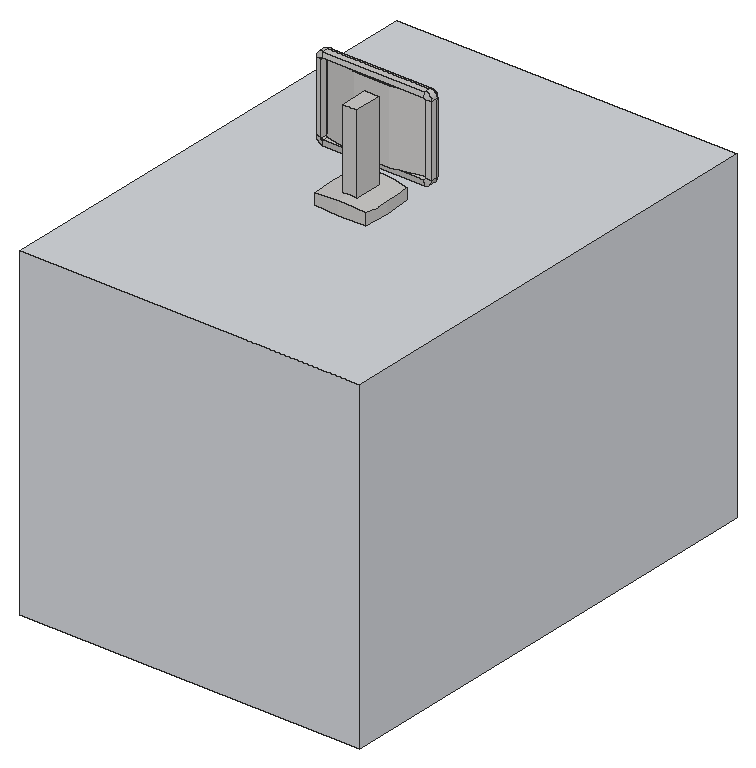
Revit family
Parameters (values of type "9014-63")
  Width = 0"
  Warranty Information = "Refer to Washroom Accessories Warranty"
  Version = "1.0"
  URL = "http://www.bradleycorp.com/"
  Technical Data = "n/a"
  Percentage of Recycled Content = 0
  OmniClass Title = "Hand Soap Holders"
  OmniClass Code = "23-31 25 29 11"
  Modeling Code = "n/a"
  Model = "9014-63"
  Material Note = "n/a"
  MasterFormat Title = "Commercial Toilet Accessories"
  MasterFormat Number = "10 28 13.13"
  Manufacturer = "Bradley Corporation"
  Low Emitting Material = no
  Length = 0"
  LEED Credit = "n/a"
  Keynote = ""
  Installation Type = "Surface Mounted"
  Industry Standards = ""
  Height = 0"
  Fire Rating = "n/a"
  DishType-Standard = yes
  DishType-DrainHoles = no
  Description = "Soap Dish Without Drain Holes"
  Default Elevation = 48"
  Copyright = "This Model Is Property Of Bradley Corporation"
  Complies to NAFTA = "n/a"
  Buy American Act = "To Be Determined"
  Assembly Code = "C1030200"
  Accessory Material = Metal - Bradley Corp - Stainless Steel Satin
  ADA Compliant = "No"
Types (3): name | Model | DishType-Standard | DishType-DrainHoles | Description
  (no name) | "9014-63" | yes | no | "Soap Dish Without Drain Holes"
  9014 BradEX | "9014 BradEX" | no | yes | "Soap Dish With Drain Holes"
  9014-63 | "9014-63" | yes | no | "Soap Dish Without Drain Holes"
Reference planes (in)
  plane 1 "Center (Front/Back)": y = 0
  plane 2: z = 0
  plane 3 "None": x = -6.4375
  plane 4 "Center (Left/Right)": x = -11.5625
  plane 5 "E.O. Bar": z = 3.48828
  plane 6: z = 4.0625
  plane 7: z = 0.96094
  plane 8: x = -13.6875
  plane 9: x = -9.4375
  plane 10: y = 0.5
  plane 11 "T.O. Soap Dish": y = 0.92969
  plane 12 "T.O. Towel Bar": y = 0.34363
  plane 13: y = 0.80469
  plane 14: x = -13.48828
  plane 15: x = -9.63672
  plane 16: z = 3.86328
  plane 17: z = 1.16016
  plane 18: x = -12.19626
  plane 19: x = -10.92874
  plane 20: x = -12.09469
  plane 21: x = -12.29782
  plane 22: z = 2.51172
  plane 23: z = 1.53516
  plane 24: y = 0.58234
  plane 25: y = 0.61487
Forms (in)
  Extrusion 1, solid
    sketch origin (0, 0, 0) x (1, 0, 0) y (0, 1, 0)
      loop
        line (-17.4375, 9) -> (-17.4375, -8.33897) -> (-4.93284, -8.33897) -> (-4.93284, 9) -> (-17.4375, 9)
    from 0 to -12
Dimensions and locks (in)
  plane 6 to plane 7 = 3 13/128"
  plane 9 to plane 8 = 4 1/4"
  plane 5 "E.O. Bar" to plane 16 = 3/8"
  plane 8 to plane 20 = 1.59281"
  plane 6 to Extrusion 1 = 4 1/16"
  aligned and locked: plane 2 to Extrusion 1
  aligned and locked: level to Extrusion 1
  aligned and locked: plane 4 "Center (Left/Right)" to nested 1
  aligned and locked: plane 1 "Center (Front/Back)" to nested 1
  aligned and locked: nested 2 to plane 4 "Center (Left/Right)"
  aligned and locked: nested 3 to plane 4 "Center (Left/Right)"
  aligned and locked: plane 4 "Center (Left/Right)" to nested 4
  aligned and locked: plane 1 "Center (Front/Back)" to nested 4
Nested families (in)
  nested 1: "towel_bar_support" at (-11.5625, 0, 0.5), type "towel_bar_support"
  nested 2: "Soap_Dish-Bradley_Corp-Stainless" at (-23.125, 0, 5.02344) x (-1, 0, 0) z (0, 0, -1), visible <- "DishType-Standard", type "Soap_Dish-Bradley_Corp-Stainless"
  nested 3: "Soap_Dish-Bradley_Corp-Stainless-Drainholes" at (-23.125, 0, 5.02344) x (-1, 0, 0) z (0, 0, -1), visible <- "DishType-DrainHoles", type "Soap_Dish-Bradley_Corp-Stainless-Drainholes"
  nested 4: "wall_cover_plate_attachment" at (-11.5625, 0, 0), type "wall_cover_plate_attachment"
Definition of nested family "towel_bar_support"
  Parameters
    Accessory Material = none
  Reference planes (in)
    plane 1 "Center (Front/Back)": y = 0
    plane 2 "Base": z = 0
    plane 3 "Center (Left/Right)": x = 0
    plane 4: z = 2.875
  Forms (in)
    Extrusion 1, solid, material <- "Accessory Material", detail levels medium+fine
      sketch origin (-8.75, 0, 0.05632) x (1, 0, 0) y (0, 1, 0)
        loop
          line (9, 0.5) -> (8.5, 0.5) -> (8.5, -0.5) -> (9, -0.5) -> (9, 0.5)
      from -0.11601 to 2.81868
  Lines and regions (in)
    model lines, detail levels coarse
      curve 1: line (0, 0, -0.26684) -> (0, 0, 2.875)
  Dimensions and locks (in)
    plane 4 to plane 2 "Base" = 2 7/8"
    aligned and locked: plane 4 to Extrusion 1
    aligned: plane 4 to curve 1
Definition of nested family "Soap_Dish-Bradley_Corp-Stainless"
  Parameters
    Width = 0"
    Warranty Information = ""
    Version = "1.0"
    URL = "http://www.bradleycorp.com/"
    Technical Data = "n/a"
    Percentage of Recycled Content = 0
    OmniClass Title = "Towel Bars"
    OmniClass Code = "23-31 25 25"
    Modeling Code = "n/a"
    Model = "9034"
    Material Note = "n/a"
    MasterFormat Title = "Commercial Toilet Accessories"
    MasterFormat Number = "10 28 13.13"
    Manufacturer = "Bradley Corporation"
    Low Emitting Material = no
    Length = 0"
    LEED Credit = "n/a"
    Keynote = ""
    Installation Type = "Surface Mounted"
    Industry Standards = ""
    Height = 0"
    Fire Rating = ""
    Description = "Horizontal Towel Bar With Soap Dish"
    Default Elevation = 48"
    Copyright = "This Model Is Property Of Bradley Corporation"
    Complies to NAFTA = "n/a"
    Buy American Act = "To Be Determined"
    Assembly Code = "C1030200"
    Accessory Material = Metal - Bradley Corp - Stainless Steel Satin
    ADA Compliant = "No"
  Reference planes (in)
    plane 1 "Center (Front/Back)": y = 0
    plane 2: z = 0
    plane 3 "None": x = 0
    plane 4 "Center (Left/Right)": x = -11.5625
    plane 5 "E.O. Bar": z = 3.48828
    plane 6: z = 4.0625
    plane 7: z = 0.96094
    plane 8: x = -13.6875
    plane 9: x = -9.4375
    plane 10: y = 0.5
    plane 11 "T.O. Soap Dish": y = 0.92969
    plane 12 "T.O. Towel Bar": y = 0.34363
    plane 13: y = 0.80469
    plane 14: x = -13.48828
    plane 15: x = -9.63672
    plane 16: z = 3.86328
    plane 17: z = 1.16016
    plane 18: x = -12.19626
    plane 19: x = -10.92874
    plane 20: x = -12.09469
    plane 21: x = -12.29782
    plane 22: z = 2.51172
    plane 23: z = 1.53516
    plane 24: y = 0.58234
    plane 25: y = 0.61487
  Forms (in)
    Extrusion 1, solid
      sketch origin (0, 0, 0) x (1, 0, 0) y (0, 1, 0)
        loop
          line (-31.6875, 26.64363) -> (-31.6875, -24.61561) -> (19.24542, -24.61561) -> (19.24542, 26.64363) -> (-31.6875, 26.64363)
      from 0 to -12
    Extrusion 2, solid, material "Metal - Bradley Corp - Stainless Steel Satin" <- "Accessory Material", detail levels medium+fine
      sketch origin (0, 0, 0) x (1, 0, 0) y (0, 1, 0)
        loop
          arc (-13.48828, 0.80469) -> (-11.5625, 0.5) -> (-9.63672, 0.80469) r 6.23831
          line (-9.63672, 0.80469) -> (-9.63672, 0.8581)
          arc (-9.63672, 0.8581) -> (-11.5625, 0.55078) -> (-13.48828, 0.8581) r 6.18753
          line (-13.48828, 0.8581) -> (-13.48828, 0.80469)
      from 1.16016 to 3.86328
    Sweep 3, solid, material "Metal - Bradley Corp - Stainless Steel Satin" <- "Accessory Material", detail levels medium+fine
      path origin (0, 0.92969, 0) x (-1, 0, 0) y (0, 0, 1)
        loop
          line (13.6875, 1.21094) -> (13.6875, 3.8125)
          arc (13.6875, 3.8125) -> (13.61428, 3.98928) -> (13.4375, 4.0625) r 0.25
          line (13.4375, 4.0625) -> (9.6875, 4.0625)
          arc (9.6875, 4.0625) -> (9.51072, 3.98928) -> (9.4375, 3.8125) r 0.25
          line (9.4375, 3.8125) -> (9.4375, 1.21094)
          arc (9.4375, 1.21094) -> (9.51072, 1.03416) -> (9.6875, 0.96094) r 0.25
          line (9.6875, 0.96094) -> (13.4375, 0.96094)
          arc (13.4375, 0.96094) -> (13.61428, 1.03416) -> (13.6875, 1.21094) r 0.25
      profile origin (-13.6875, 0.92969, 2.51172) x (1, 0, 0) y (0, 1, 0)
        loop
          line (0.19922, -0.35513) -> (0.19922, -0.09961)
          arc (0.19922, -0.09961) -> (0.09961, 0) -> (0, -0.09961) r 0.09961
          line (0, -0.09961) -> (0, -0.32) -> (0.19922, -0.35513)
    Extrusion 4, solid, material "Metal - Bradley Corp - Stainless Steel Satin" <- "Accessory Material", detail levels medium+fine
      sketch origin (0, -0.02344, 3.48828) x (0, -1, 0) y (1, 0, 0)
        loop
          arc (-0.60578, -12.09469) -> (-0.63831, -12.19626) -> (-0.60578, -12.29782) r 0.17483
          line (-0.60578, -12.29782) -> (-0.60578, -12.09469)
        loop
          line (-0.60578, -11.03031) -> (-0.60578, -10.82718)
          arc (-0.60578, -10.82718) -> (-0.63831, -10.92874) -> (-0.60578, -11.03031) r 0.17483
      from -1.95313 to 0
  Cuts and joins
    joined: Extrusion 2, Extrusion 4
  Lines and regions (in)
    model lines
      curve 1: line (-9.6875, 0.92969, 0.96094) -> (-13.4375, 0.92969, 0.96094)
    model lines, detail levels coarse
      curve 2: arc (-13.4375, 0.92969, 0.96094) -> (-13.61428, 0.92969, 1.03416) -> (-13.6875, 0.92969, 1.21094) r 0.25
      curve 3: line (-13.6875, 0.92969, 1.21094) -> (-13.6875, 0.92969, 3.8125)
      curve 4: arc (-13.6875, 0.92969, 3.8125) -> (-13.61428, 0.92969, 3.98928) -> (-13.4375, 0.92969, 4.0625) r 0.25
      curve 5: line (-13.4375, 0.92969, 4.0625) -> (-9.6875, 0.92969, 4.0625)
      curve 6: arc (-9.6875, 0.92969, 4.0625) -> (-9.51072, 0.92969, 3.98928) -> (-9.4375, 0.92969, 3.8125) r 0.25
      curve 7: line (-9.4375, 0.92969, 3.8125) -> (-9.4375, 0.92969, 1.21094)
      curve 8: arc (-9.4375, 0.92969, 1.21094) -> (-9.51072, 0.92969, 1.03416) -> (-9.6875, 0.92969, 0.96094) r 0.25
  Dimensions and locks (in)
    locked: plane 7 to plane 6 at 3.10156
    plane 5 "E.O. Bar" to plane 6 = 147/256"
    plane 6 to plane 7 = 3 13/128"
    plane 9 to plane 8 = 4 1/4"
    plane 5 "E.O. Bar" to plane 16 = 3/8"
    plane 8 to plane 20 = 1.59281"
    aligned and locked: plane 2 to Extrusion 1
    aligned and locked: level to Extrusion 1
    aligned and locked: plane 16 to Extrusion 2
    aligned and locked: Extrusion 2 to plane 17
Definition of nested family "Soap_Dish-Bradley_Corp-Stainless-Drainholes"
  Parameters
    Width = 0"
    Warranty Information = ""
    Version = "1.0"
    URL = "http://www.bradleycorp.com/"
    Technical Data = "n/a"
    Percentage of Recycled Content = 0
    OmniClass Title = "Towel Bars"
    OmniClass Code = "23-31 25 25"
    Modeling Code = "n/a"
    Model = "9034"
    Material Note = "n/a"
    MasterFormat Title = "Commercial Toilet Accessories"
    MasterFormat Number = "10 28 13.13"
    Manufacturer = "Bradley Corporation"
    Low Emitting Material = no
    Length = 0"
    LEED Credit = "n/a"
    Keynote = ""
    Installation Type = "Surface Mounted"
    Industry Standards = ""
    Height = 0"
    Fire Rating = ""
    Description = "Horizontal Towel Bar With Soap Dish"
    Default Elevation = 48"
    Copyright = "This Model Is Property Of Bradley Corporation"
    Complies to NAFTA = "n/a"
    Buy American Act = "To Be Determined"
    Assembly Code = "C1030200"
    Accessory Material = Metal - Bradley Corp - Stainless Steel Satin
    ADA Compliant = "No"
  Reference planes (in)
    plane 1 "Center (Front/Back)": y = 0
    plane 2: z = 0
    plane 3 "None": x = 0
    plane 4 "Center (Left/Right)": x = -11.5625
    plane 5 "E.O. Bar": z = 3.48828
    plane 6: z = 4.0625
    plane 7: z = 0.96094
    plane 8: x = -13.6875
    plane 9: x = -9.4375
    plane 10: y = 0.5
    plane 11 "T.O. Soap Dish": y = 0.92969
    plane 12 "T.O. Towel Bar": y = 0.34363
    plane 13: y = 0.80469
    plane 14: x = -13.48828
    plane 15: x = -9.63672
    plane 16: z = 3.86328
    plane 17: z = 1.16016
    plane 18: x = -12.19626
    plane 19: x = -10.92874
    plane 20: x = -12.09469
    plane 21: x = -12.29782
    plane 22: z = 2.51172
    plane 23: z = 1.53516
    plane 24: y = 0.58234
    plane 25: y = 0.61487
  Forms (in)
    Extrusion 1, solid
      sketch origin (0, 0, 0) x (1, 0, 0) y (0, 1, 0)
        loop
          line (-31.6875, 26.64363) -> (-31.6875, -24.61561) -> (19.24542, -24.61561) -> (19.24542, 26.64363) -> (-31.6875, 26.64363)
      from 0 to -12
    Extrusion 2, solid, material "Metal - Bradley Corp - Stainless Steel Satin" <- "Accessory Material", detail levels medium+fine
      sketch origin (0, 0, 0) x (1, 0, 0) y (0, 1, 0)
        loop
          arc (-13.48828, 0.80469) -> (-11.5625, 0.5) -> (-9.63672, 0.80469) r 6.23831
          line (-9.63672, 0.80469) -> (-9.63672, 0.8581)
          arc (-9.63672, 0.8581) -> (-11.5625, 0.55078) -> (-13.48828, 0.8581) r 6.18753
          line (-13.48828, 0.8581) -> (-13.48828, 0.80469)
      from 1.16016 to 3.86328
    Sweep 3, solid, material "Metal - Bradley Corp - Stainless Steel Satin" <- "Accessory Material", detail levels medium+fine
      path origin (0, 0.92969, 0) x (-1, 0, 0) y (0, 0, 1)
        loop
          line (13.6875, 1.21094) -> (13.6875, 3.8125)
          arc (13.6875, 3.8125) -> (13.61428, 3.98928) -> (13.4375, 4.0625) r 0.25
          line (13.4375, 4.0625) -> (9.6875, 4.0625)
          arc (9.6875, 4.0625) -> (9.51072, 3.98928) -> (9.4375, 3.8125) r 0.25
          line (9.4375, 3.8125) -> (9.4375, 1.21094)
          arc (9.4375, 1.21094) -> (9.51072, 1.03416) -> (9.6875, 0.96094) r 0.25
          line (9.6875, 0.96094) -> (13.4375, 0.96094)
          arc (13.4375, 0.96094) -> (13.61428, 1.03416) -> (13.6875, 1.21094) r 0.25
      profile origin (-13.6875, 0.92969, 2.51172) x (1, 0, 0) y (0, 1, 0)
        loop
          line (0.19922, -0.35513) -> (0.19922, -0.09961)
          arc (0.19922, -0.09961) -> (0.09961, 0) -> (0, -0.09961) r 0.09961
          line (0, -0.09961) -> (0, -0.32) -> (0.19922, -0.35513)
    Extrusion 4, solid, material "Metal - Bradley Corp - Stainless Steel Satin" <- "Accessory Material", detail levels medium+fine
      sketch origin (0, -0.02344, 3.48828) x (0, -1, 0) y (1, 0, 0)
        loop
          arc (-0.60578, -12.09469) -> (-0.63831, -12.19626) -> (-0.60578, -12.29782) r 0.17483
          line (-0.60578, -12.29782) -> (-0.60578, -12.09469)
        loop
          line (-0.60578, -11.03031) -> (-0.60578, -10.82718)
          arc (-0.60578, -10.82718) -> (-0.63831, -10.92874) -> (-0.60578, -11.03031) r 0.17483
      from -1.95313 to 0
    Extrusion 5, void
      sketch origin (-0.20916, 0.92969, -0.19609) x (-1, 0, 0) y (0, 0, 1)
        loop
          circle (11.74444, 3.19609) r 0.085
      from -0.25 to -0.5
    Extrusion 6, void
      sketch origin (-0.20916, 0.92969, -1.17266) x (-1, 0, 0) y (0, 0, 1)
        loop
          circle (11.74444, 3.19609) r 0.085
      from -0.25 to -0.5
    Extrusion 7, void
      sketch origin (-22.91584, 0.92969, -0.19609) x (1, 0, 0) y (0, 0, -1)
        loop
          circle (11.74444, -3.19609) r 0.085
      from -0.25 to -0.5
    Extrusion 8, void
      sketch origin (-22.91584, 0.92969, -1.17266) x (1, 0, 0) y (0, 0, -1)
        loop
          circle (11.74444, -3.19609) r 0.085
      from -0.25 to -0.5
  Cuts and joins
    Extrusion 5, Extrusion 6, Extrusion 7, Extrusion 8 cuts Sweep 3
    Extrusion 5, Extrusion 6, Extrusion 7, Extrusion 8 cuts Extrusion 2
    Extrusion 6, Extrusion 7, Extrusion 8 cuts Extrusion 4
    joined: Extrusion 2, Extrusion 4
  Lines and regions (in)
    model lines
      curve 1: line (-9.6875, 0.92969, 0.96094) -> (-13.4375, 0.92969, 0.96094)
    model lines, detail levels coarse
      curve 2: arc (-13.4375, 0.92969, 0.96094) -> (-13.61428, 0.92969, 1.03416) -> (-13.6875, 0.92969, 1.21094) r 0.25
      curve 3: line (-13.6875, 0.92969, 1.21094) -> (-13.6875, 0.92969, 3.8125)
      curve 4: arc (-13.6875, 0.92969, 3.8125) -> (-13.61428, 0.92969, 3.98928) -> (-13.4375, 0.92969, 4.0625) r 0.25
      curve 5: line (-13.4375, 0.92969, 4.0625) -> (-9.6875, 0.92969, 4.0625)
      curve 6: arc (-9.6875, 0.92969, 4.0625) -> (-9.51072, 0.92969, 3.98928) -> (-9.4375, 0.92969, 3.8125) r 0.25
      curve 7: line (-9.4375, 0.92969, 3.8125) -> (-9.4375, 0.92969, 1.21094)
      curve 8: arc (-9.4375, 0.92969, 1.21094) -> (-9.51072, 0.92969, 1.03416) -> (-9.6875, 0.92969, 0.96094) r 0.25
  Dimensions and locks (in)
    locked: plane 7 to plane 6 at 3.10156
    plane 5 "E.O. Bar" to plane 6 = 147/256"
    plane 6 to plane 7 = 3 13/128"
    plane 9 to plane 8 = 4 1/4"
    plane 5 "E.O. Bar" to plane 16 = 3/8"
    plane 8 to plane 20 = 1.59281"
    aligned and locked: plane 2 to Extrusion 1
    aligned and locked: level to Extrusion 1
    aligned and locked: plane 16 to Extrusion 2
    aligned and locked: Extrusion 2 to plane 17
Definition of nested family "wall_cover_plate_attachment"
  Parameters (values of type "wall_cover_plate_attachment")
    Assembly Code = ""
    Accessory Material = Metal - Bradley Corp - Stainless Steel Satin
  Reference planes (in)
    plane 1 "Center (Front/Back)": y = 0
    plane 2: z = 0
    plane 3 "Center (Left/Right)": x = 0
  Forms (in)
    Extrusion 1, solid, material "Metal - Bradley Corp - Stainless Steel Satin" <- "Accessory Material", detail levels medium+fine
      sketch origin (-8.75, 0, 0) x (-1, 0, 0) y (0, -1, 0)
        loop
          arc (-7.80078, -0.94922) -> (-7.75, 0) -> (-7.80078, 0.94922) r 8.89694
          arc (-7.80078, 0.94922) -> (-8.75, 1) -> (-9.69922, 0.94922) r 8.89694
          arc (-9.69922, 0.94922) -> (-9.75, 0) -> (-9.69922, -0.94922) r 8.89694
          arc (-9.69922, -0.94922) -> (-8.75, -1) -> (-7.80078, -0.94922) r 8.89694
      from 0 to 0.5
    Extrusion 2, void
      sketch origin (-8.75, 0, 0) x (1, 0, 0) y (0, 0, 1)
        loop
          arc (7.75, 0.39844) -> (8.75, 0.5) -> (9.75, 0.39844) r 4.97386
          line (9.75, 0.39844) -> (9.75, 0.53125) -> (8.85864, 0.53125) -> (7.75, 0.53125) -> (7.75, 0.39844)
      from -1.10156 to 1.10156
  Cuts and joins
    Extrusion 2 cuts Extrusion 1
  Lines and regions (in)
    symbolic lines, detail levels coarse
      curve 1: line (-0.94922, 1, 4.875) -> (0.94922, 1, 4.875)
      curve 2: line (-0.94922, -1, 4.875) -> (-0.94922, 1, 4.875)
      curve 3: line (0.94922, -1, 4.875) -> (-0.94922, -1, 4.875)
      curve 4: line (0.94922, 1, 4.875) -> (0.94922, -1, 4.875)
    model lines, detail levels coarse
      curve 5: spline (0.94922, -0.94922, 0) -> (0.95732, -0.87039, 0) -> (0.96472, -0.79149, 0) -> (0.97142, -0.71253, 0) -> (0.97742, -0.63351, 0) -> (0.98271, -0.55443, 0) -> (0.98729, -0.47531, 0) -> (0.99118, -0.39616, 0) -> (0.99435, -0.31696, 0) -> (0.99682, -0.23775, 0) -> (0.99859, -0.15851, 0) -> (0.99965, -0.07926, 0) -> (1, 0, 0)
      curve 6: spline (1, 0, 0) -> (0.99965, 0.07926, 0) -> (0.99859, 0.15851, 0) -> (0.99682, 0.23775, 0) -> (0.99435, 0.31696, 0) -> (0.99117, 0.39616, 0) -> (0.98729, 0.47531, 0) -> (0.98271, 0.55443, 0) -> (0.97742, 0.63351, 0) -> (0.97142, 0.71253, 0) -> (0.96472, 0.79149, 0) -> (0.95732, 0.87039, 0) -> (0.94922, 0.94922, 0)
      curve 7: spline (0.94922, 0.94922, 0) -> (0.83831, 0.96051, 0) -> (0.72684, 0.97039, 0) -> (0.61487, 0.97886, 0) -> (0.5025, 0.98591, 0) -> (0.38979, 0.99154, 0) -> (0.27681, 0.99574, 0) -> (0.16365, 0.99852, 0) -> (0.05037, 0.99986, 0) -> (-0.06293, 0.99977, 0) -> (-0.1762, 0.99826, 0) -> (-0.28935, 0.99531, 0) -> (-0.40231, 0.99093, 0)
      curve 8: spline (-0.4023, 0.99077, 0) -> (-0.44825, 0.98858, 0) -> (-0.49414, 0.98616, 0) -> (-0.53998, 0.98351, 0) -> (-0.58576, 0.98062, 0) -> (-0.63148, 0.9775, 0) -> (-0.67712, 0.97415, 0) -> (-0.72269, 0.97057, 0) -> (-0.76818, 0.96676, 0) -> (-0.81358, 0.96272, 0) -> (-0.85889, 0.95845, 0) -> (-0.9041, 0.95395, 0) -> (-0.94922, 0.94922, 0)
      curve 9: spline (-0.94922, 0.94922, 0) -> (-0.95732, 0.87039, 0) -> (-0.96472, 0.79149, 0) -> (-0.97142, 0.71253, 0) -> (-0.97742, 0.63351, 0) -> (-0.98271, 0.55443, 0) -> (-0.98729, 0.47531, 0) -> (-0.99118, 0.39616, 0) -> (-0.99435, 0.31696, 0) -> (-0.99682, 0.23775, 0) -> (-0.99859, 0.15851, 0) -> (-0.99965, 0.07926, 0) -> (-1, 0, 0)
      curve 10: spline (-1, 0, 0) -> (-0.99965, -0.07926, 0) -> (-0.99859, -0.15851, 0) -> (-0.99682, -0.23775, 0) -> (-0.99435, -0.31696, 0) -> (-0.99117, -0.39616, 0) -> (-0.98729, -0.47531, 0) -> (-0.98271, -0.55443, 0) -> (-0.97742, -0.63351, 0) -> (-0.97142, -0.71253, 0) -> (-0.96472, -0.79149, 0) -> (-0.95732, -0.87039, 0) -> (-0.94922, -0.94922, 0)
      curve 11: spline (-0.94922, -0.94922, 0) -> (-0.83831, -0.96051, 0) -> (-0.72684, -0.97039, 0) -> (-0.61487, -0.97886, 0) -> (-0.5025, -0.98591, 0) -> (-0.38979, -0.99154, 0) -> (-0.27681, -0.99574, 0) -> (-0.16365, -0.99852, 0) -> (-0.05037, -0.99986, 0) -> (0.06293, -0.99977, 0) -> (0.1762, -0.99826, 0) -> (0.28935, -0.99531, 0) -> (0.40231, -0.99093, 0)
      curve 12: spline (0.4023, -0.99077, 0) -> (0.44825, -0.98858, 0) -> (0.49414, -0.98616, 0) -> (0.53998, -0.98351, 0) -> (0.58576, -0.98062, 0) -> (0.63148, -0.9775, 0) -> (0.67712, -0.97415, 0) -> (0.72269, -0.97057, 0) -> (0.76818, -0.96676, 0) -> (0.81358, -0.96272, 0) -> (0.85889, -0.95845, 0) -> (0.9041, -0.95395, 0) -> (0.94922, -0.94922, 0)
